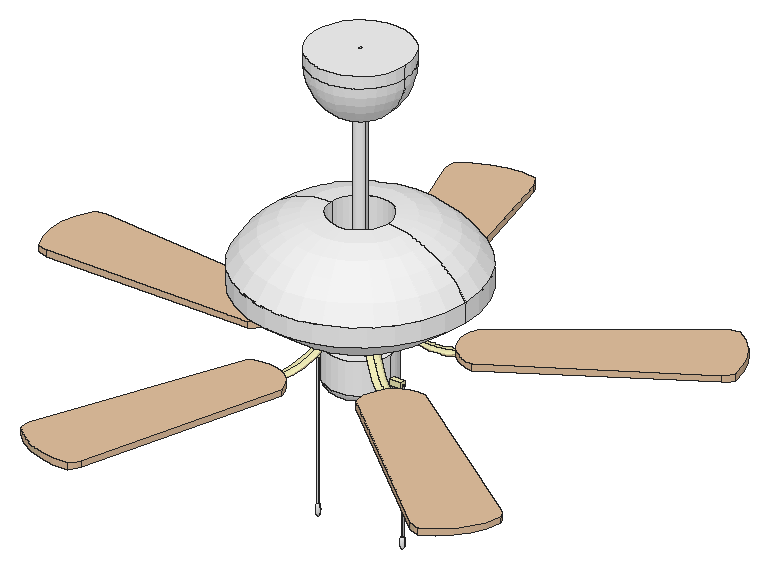
Revit family "Ceiling-Fan_Residential", category Mechanical Equipment, host Ceiling, Revit 2026
Family settings
  Host = Ceiling
  Round Connector Dimension = Use Diameter
  Part Type = Normal
  Classification Number = 23.75.35.17
  Always vertical = Yes
  Cut with Voids When Loaded = No
  Maintain Annotation Orientation = No
  Shared = No
  Room Calculation Point = No
Parameters (values of type "52"")
  Warranty Duration (Years) = 0
  URL = "http://www.arcat.com/"
  Test Data = ""
  Specification = "http://www.arcat.com/divs/sec/sec15830.shtml"
  Span = 4' - 4"
  Description = "Residential Ceiling Fan"
  Default Elevation = 0' - 0"
  Blade Length = (Span - 1' 3 3/8") / 2  # 1' - 6 5/16"
  Sound Pressure Level (dB) = "10"
  Sales Information = ""
  Pull Cord Finish = ARCAT - Plastic, ABS - White
  Product Properties = "http://www.arcat.com/bim/bim_info.pl?fn=Ceiling-Fan_Residential"
  Product Data = "http://www.arcat.com/divs/sec/sec15830.shtml"
  Power Consumption_Fan = 66
  Operating Range = 20' - 0"
  Model = "Generic"  # constant formula
  Manufacturer Website = "http://www.arcat.com/"
  Manufacturer Phone - Toll Free = ""
  Manufacturer Phone = "(203) 929-9444"  # constant formula
  Manufacturer Fax = "(203) 929-2444"  # constant formula
  Manufacturer Email = "bim@arcat.com"  # constant formula
  Manufacturer Address = "1077 Bridgeport Ave, Shelton, CT  06484"  # constant formula
  Manufacturer = "Generic"  # constant formula
  Maintenance Schedule (Months) = 0
  Keynote = "15830"
  Installation-Fabrication = ""
  Installation Phase = ""
  Ceiling Drop [instance] = 2' - 0"
  Hardware Accent Finish = Metal - Brass, Polished
  Green Building-LEED = "http://www.arcat.com/green/green_building.shtml"
  Fan Speed = "1250, 2500, 5000 CFM"
  ENERGYSTAR Rated = no
  ENERGYSTAR = "http://www.energystar.gov/ia/partners/prod_development/archives/downloads/ceil_fans/ceilingprogreq.pdf"
  Blade Pitch = 20.00°
  Air Flow Efficiency = "155, 110, 75, CFM / Watt"
  Fan Blade Finish = Wood - Cherry
  Expected Lifespan (Years) = 0
  Drawn By = "Robert S. Weygant. CSI, CDT, SCIP"  # constant formula
  Copyright = "2008, ARCAT, Inc."  # constant formula
  Construction Details = "http://www.arcat.com/divs/sec/sec15830.shtml"
  Building Codes = ""
  Body Color = Plastic, White
  Assembly Code = "D3040"
Reference planes (in)
  plane 1 "Center (Front/Back)": y = 0
  plane 2 "Ceiling": z = 96
  plane 3 "Center (Left/Right)": x = 0
  plane 4: z = 72
  plane 5: y = 0
  plane 6: x = 0
  plane 7: z = 74.4446
  plane 8: y = 0
  plane 9: x = 0
  plane 10: y = 0
  plane 11: x = 0
  plane 12: y = 0
  plane 13: x = 0
  plane 14: y = 0
  plane 15: x = 0
  plane 16: y = 0
  plane 17: x = 0
  plane 18: z = 74.4446
  plane 19: y = 0
  plane 20: x = 0
  plane 21: y = 0
  plane 22: x = 0
  plane 23: y = 0
  plane 24: x = 0
  plane 25: y = 0
  plane 26: x = 0
  plane 27: y = 0
  plane 28: x = 0
Forms (in)
  Sweep 1, solid, material "Plastic, White" <- "Body Color"
    path origin (0, 0, 0) x (1, 0, 0) y (0, 1, 0)
      loop
        circle (0, 0) r 4
    profile origin (0, 4, 0) x (0, -1, 0) y (0, 0, 1)
      loop
        line (3.875, 96) -> (0, 96) -> (0, 95)
        arc (0, 95) -> (0.67641, 92.6415) -> (2.5, 91) r 4.45
        line (2.5, 91) -> (3.875, 91) -> (3.875, 96)
  Extrusion 2, solid, material "Plastic, White" <- "Body Color"
    sketch origin (0, 0, 84) x (1, 0, 0) y (0, 1, 0)
      loop
        circle (0, 0) r 0.5
    from -2.4446 to 7
  Sweep 3, solid, material "Plastic, White" <- "Body Color"
    path origin (0, 0, 0) x (1, 0, 0) y (0, 1, 0)
      loop
        circle (0, 0) r 8
    profile origin (0, 8, 0) x (0, -1, 0) y (0, 0, 1)
      loop
        arc (5.5, 82.9304) -> (1.5595, 81.88588) -> (-1.34619, 79.0266) r 7.95507
        line (-1.34619, 79.0266) -> (-1.34619, 77.41819) -> (2.25, 74.8054) -> (5.5, 74.8054) -> (5.5, 82.9304)
  Extrusion 4, solid, material "Wood - Cherry" <- "Fan Blade Finish"
    sketch origin (-37.03251, 8.23246, 74.44531) x (1, 0, 0) y (0, 1, 0)
      loop
        arc (11.82781, -4.91665) -> (11.3255, -4.97388) -> (10.86188, -5.17547) r 1.71015
        arc (10.86188, -5.17547) -> (10.11137, -8.17547) -> (10.86188, -11.17547) r 6.37116
        arc (10.86188, -11.17547) -> (11.3255, -11.37705) -> (11.82781, -11.43429) r 1.71015
        line (11.82781, -11.43429) -> (28.96831, -10.62857)
        arc (28.96831, -10.62857) -> (30.39393, -8.23246) -> (29.16601, -5.72927) r 2.92718
        line (29.16601, -5.72927) -> (11.82781, -4.91665)
    from -2.44531 to -1.94531
  Extrusion 5, solid, material "Metal - Brass, Polished" <- "Hardware Accent Finish"
    sketch origin (-8.75, 0.94675, 71.875) x (1, 0, 0) y (0, 1, 0)
      loop
        arc (-1.34734, -2.82175) -> (-0.16807, -2.73452) -> (0.99795, -2.5378) r 12.67926
        arc (0.99795, -2.5378) -> (1.63049, -0.94675) -> (0.99795, 0.64429) r 2.31729
        arc (0.99795, 0.64429) -> (-0.16807, 0.84101) -> (-1.34734, 0.92825) r 12.67926
        arc (-1.34734, 0.92825) -> (-1.86177, 1.0058) -> (-1.8893, 0.48629) r 0.3513
        arc (-1.8893, 0.48629) -> (-2.26892, 0.42422) -> (-2.51249, 0.12649) r 0.54376
        arc (-2.51249, 0.12649) -> (-3.11749, -0.94675) -> (-2.51249, -2.02) r 1.25446
        arc (-2.51249, -2.02) -> (-2.26892, -2.31773) -> (-1.8893, -2.3798) r 0.54376
        arc (-1.8893, -2.3798) -> (-1.86177, -2.89931) -> (-1.34734, -2.82175) r 0.3513
      loop
        arc (0.57285, -1.70845) -> (0.87058, -0.94629) -> (0.57131, -0.18473) r 1.12151
        arc (0.57131, -0.18473) -> (-0.33421, -0.00748) -> (-1.24431, 0.1445) r 33.15171
        arc (-1.24431, 0.1445) -> (-1.62285, -0.01229) -> (-1.77964, -0.39083) r 0.53533
        arc (-1.77964, -0.39083) -> (-2.16715, -0.94675) -> (-1.77964, -1.50268) r 0.59252
        arc (-1.77964, -1.50268) -> (-1.62285, -1.88121) -> (-1.24431, -2.03801) r 0.53533
        arc (-1.24431, -2.03801) -> (-0.33343, -1.88589) -> (0.57285, -1.70845) r 33.15171
    from 0 to 0.125
  Sweep 6, solid, material "Metal - Brass, Polished" <- "Hardware Accent Finish"
    path origin (7.28676, -0.00001, 68.80398) x (1, 0, 0) y (0, 0.000001, 1)
      loop
        line (-15.01533, 3.19786) -> (-14.1732, 3.19786)
        arc (-14.1732, 3.19786) -> (-10.1592, 5.10736) -> (-9.10815, 9.42636) r 5.17371
    profile origin (-2.87244, 0, 73.91134) x (-0.775846, 0.000001, 0.630922) y (0, -1, 0.000001)
      loop
        spline (-0.12404, 0) -> (-0.11981, -0.12941) -> (-0.10742, -0.25) -> (-0.08771, -0.35355) -> (-0.06202, -0.43301) -> (-0.0321, -0.48296) -> (0, -0.5) -> (0.0321, -0.48296) -> (0.06202, -0.43301) -> (0.08771, -0.35355) -> (0.10742, -0.25) -> (0.11981, -0.12941) -> (0.12404, 0)
        spline (0.12404, 0) -> (0.11981, 0.12941) -> (0.10742, 0.25) -> (0.08771, 0.35355) -> (0.06202, 0.43301) -> (0.0321, 0.48296) -> (0, 0.5) -> (-0.0321, 0.48296) -> (-0.06202, 0.43301) -> (-0.08771, 0.35355) -> (-0.10742, 0.25) -> (-0.11981, 0.12941) -> (-0.12404, 0)
  Extrusion 7, solid, material "Wood - Cherry" <- "Fan Blade Finish"
    sketch origin (-3.61414, 37.76398, 74.44531) x (0.309017, -0.951057, 0) y (0.951057, 0.309017, 0)
      loop
        arc (11.82725, -4.91665) -> (11.32495, -4.97388) -> (10.86133, -5.17547) r 1.71015
        arc (10.86133, -5.17547) -> (10.11081, -8.17547) -> (10.86133, -11.17547) r 6.37116
        arc (10.86133, -11.17547) -> (11.32495, -11.37705) -> (11.82725, -11.43429) r 1.71015
        line (11.82725, -11.43429) -> (28.96775, -10.62857)
        arc (28.96775, -10.62857) -> (30.39338, -8.23246) -> (29.16545, -5.72927) r 2.92718
        line (29.16545, -5.72927) -> (11.82725, -4.91665)
    from -2.44531 to -1.94531
  Extrusion 8, solid, material "Metal - Brass, Polished" <- "Hardware Accent Finish"
    sketch origin (-1.80348, 8.61431, 71.875) x (0.309017, -0.951057, 0) y (0.951057, 0.309017, 0)
      loop
        arc (-1.34734, -2.82175) -> (-0.16807, -2.73452) -> (0.99795, -2.5378) r 12.67926
        arc (0.99795, -2.5378) -> (1.63049, -0.94675) -> (0.99795, 0.64429) r 2.31729
        arc (0.99795, 0.64429) -> (-0.16807, 0.84101) -> (-1.34734, 0.92825) r 12.67926
        arc (-1.34734, 0.92825) -> (-1.86177, 1.0058) -> (-1.8893, 0.48629) r 0.3513
        arc (-1.8893, 0.48629) -> (-2.26892, 0.42422) -> (-2.51249, 0.12649) r 0.54376
        arc (-2.51249, 0.12649) -> (-3.11749, -0.94675) -> (-2.51249, -2.02) r 1.25446
        arc (-2.51249, -2.02) -> (-2.26892, -2.31773) -> (-1.8893, -2.3798) r 0.54376
        arc (-1.8893, -2.3798) -> (-1.86177, -2.89931) -> (-1.34734, -2.82175) r 0.3513
      loop
        arc (0.57285, -1.70845) -> (0.87058, -0.94629) -> (0.57131, -0.18473) r 1.12151
        arc (0.57131, -0.18473) -> (-0.33421, -0.00748) -> (-1.24431, 0.1445) r 33.15171
        arc (-1.24431, 0.1445) -> (-1.62285, -0.01229) -> (-1.77964, -0.39083) r 0.53533
        arc (-1.77964, -0.39083) -> (-2.16715, -0.94675) -> (-1.77964, -1.50268) r 0.59252
        arc (-1.77964, -1.50268) -> (-1.62285, -1.88121) -> (-1.24431, -2.03801) r 0.53533
        arc (-1.24431, -2.03801) -> (-0.33343, -1.88589) -> (0.57285, -1.70845) r 33.15171
    from 0 to 0.125
  Sweep 9, solid, material "Metal - Brass, Polished" <- "Hardware Accent Finish"
    path origin (2.25172, -6.93012, 68.80398) x (0.309017, -0.951057, 0) y (0.000001, 0, 1)
      loop
        line (-15.01533, 3.19786) -> (-14.1732, 3.19786)
        arc (-14.1732, 3.19786) -> (-10.1592, 5.10736) -> (-9.10815, 9.42636) r 5.17371
    profile origin (-0.88763, 2.73185, 73.91134) x (-0.239749, 0.737874, 0.630922) y (-0.951057, -0.309017, 0.000001)
      loop
        spline (-0.12404, 0) -> (-0.11981, -0.12941) -> (-0.10742, -0.25) -> (-0.08771, -0.35355) -> (-0.06202, -0.43301) -> (-0.0321, -0.48296) -> (0, -0.5) -> (0.0321, -0.48296) -> (0.06202, -0.43301) -> (0.08771, -0.35355) -> (0.10742, -0.25) -> (0.11981, -0.12941) -> (0.12404, 0)
        spline (0.12404, 0) -> (0.11981, 0.12941) -> (0.10742, 0.25) -> (0.08771, 0.35355) -> (0.06202, 0.43301) -> (0.0321, 0.48296) -> (0, 0.5) -> (-0.0321, 0.48296) -> (-0.06202, 0.43301) -> (-0.08771, 0.35355) -> (-0.10742, 0.25) -> (-0.11981, 0.12941) -> (-0.12404, 0)
  Extrusion 10, solid, material "Wood - Cherry" <- "Fan Blade Finish"
    sketch origin (34.79885, 15.10697, 74.44531) x (-0.809017, -0.587785, 0) y (0.587785, -0.809017, 0)
      loop
        arc (11.82725, -4.91665) -> (11.32495, -4.97388) -> (10.86133, -5.17547) r 1.71015
        arc (10.86133, -5.17547) -> (10.11081, -8.17547) -> (10.86133, -11.17547) r 6.37116
        arc (10.86133, -11.17547) -> (11.32495, -11.37705) -> (11.82725, -11.43429) r 1.71015
        line (11.82725, -11.43429) -> (28.96775, -10.62857)
        arc (28.96775, -10.62857) -> (30.39338, -8.23246) -> (29.16545, -5.72927) r 2.92718
        line (29.16545, -5.72927) -> (11.82725, -4.91665)
    from -2.44531 to -1.94531
  Extrusion 11, solid, material "Metal - Brass, Polished" <- "Hardware Accent Finish"
    sketch origin (7.63539, 4.37718, 71.875) x (-0.809017, -0.587785, 0) y (0.587785, -0.809017, 0)
      loop
        arc (-1.34734, -2.82175) -> (-0.16807, -2.73452) -> (0.99795, -2.5378) r 12.67926
        arc (0.99795, -2.5378) -> (1.63049, -0.94675) -> (0.99795, 0.64429) r 2.31729
        arc (0.99795, 0.64429) -> (-0.16807, 0.84101) -> (-1.34734, 0.92825) r 12.67926
        arc (-1.34734, 0.92825) -> (-1.86177, 1.0058) -> (-1.8893, 0.48629) r 0.3513
        arc (-1.8893, 0.48629) -> (-2.26892, 0.42422) -> (-2.51249, 0.12649) r 0.54376
        arc (-2.51249, 0.12649) -> (-3.11749, -0.94675) -> (-2.51249, -2.02) r 1.25446
        arc (-2.51249, -2.02) -> (-2.26892, -2.31773) -> (-1.8893, -2.3798) r 0.54376
        arc (-1.8893, -2.3798) -> (-1.86177, -2.89931) -> (-1.34734, -2.82175) r 0.3513
      loop
        arc (0.57285, -1.70845) -> (0.87058, -0.94629) -> (0.57131, -0.18473) r 1.12151
        arc (0.57131, -0.18473) -> (-0.33421, -0.00748) -> (-1.24431, 0.1445) r 33.15171
        arc (-1.24431, 0.1445) -> (-1.62285, -0.01229) -> (-1.77964, -0.39083) r 0.53533
        arc (-1.77964, -0.39083) -> (-2.16715, -0.94675) -> (-1.77964, -1.50268) r 0.59252
        arc (-1.77964, -1.50268) -> (-1.62285, -1.88121) -> (-1.24431, -2.03801) r 0.53533
        arc (-1.24431, -2.03801) -> (-0.33343, -1.88589) -> (0.57285, -1.70845) r 33.15171
    from 0 to 0.125
  Sweep 12, solid, material "Metal - Brass, Polished" <- "Hardware Accent Finish"
    path origin (-5.89511, -4.28304, 68.80398) x (-0.809017, -0.587785, 0) y (0.000001, -0.000001, 1)
      loop
        line (-15.01533, 3.19786) -> (-14.1732, 3.19786)
        arc (-14.1732, 3.19786) -> (-10.1592, 5.10736) -> (-9.10815, 9.42636) r 5.17371
    profile origin (2.32385, 1.68838, 73.91134) x (0.627673, 0.45603, 0.630922) y (-0.587785, 0.809017, 0.000001)
      loop
        spline (-0.12404, 0) -> (-0.11981, -0.12941) -> (-0.10742, -0.25) -> (-0.08771, -0.35355) -> (-0.06202, -0.43301) -> (-0.0321, -0.48296) -> (0, -0.5) -> (0.0321, -0.48296) -> (0.06202, -0.43301) -> (0.08771, -0.35355) -> (0.10742, -0.25) -> (0.11981, -0.12941) -> (0.12404, 0)
        spline (0.12404, 0) -> (0.11981, 0.12941) -> (0.10742, 0.25) -> (0.08771, 0.35355) -> (0.06202, 0.43301) -> (0.0321, 0.48296) -> (0, 0.5) -> (-0.0321, 0.48296) -> (-0.06202, 0.43301) -> (-0.08771, 0.35355) -> (-0.10742, 0.25) -> (-0.11981, 0.12941) -> (-0.12404, 0)
  Extrusion 13, solid, material "Wood - Cherry" <- "Fan Blade Finish"
    sketch origin (25.12101, -28.42736, 74.44531) x (-0.809017, 0.587785, 0) y (-0.587785, -0.809017, 0)
      loop
        arc (11.82781, -4.91665) -> (11.3255, -4.97388) -> (10.86188, -5.17547) r 1.71015
        arc (10.86188, -5.17547) -> (10.11137, -8.17547) -> (10.86188, -11.17547) r 6.37116
        arc (10.86188, -11.17547) -> (11.3255, -11.37705) -> (11.82781, -11.43429) r 1.71015
        line (11.82781, -11.43429) -> (28.96831, -10.62857)
        arc (28.96831, -10.62857) -> (30.39393, -8.23246) -> (29.16601, -5.72927) r 2.92718
        line (29.16601, -5.72927) -> (11.82781, -4.91665)
    from -2.44531 to -1.94531
  Extrusion 14, solid, material "Metal - Brass, Polished" <- "Hardware Accent Finish"
    sketch origin (6.52241, -5.90906, 71.875) x (-0.809017, 0.587785, 0) y (-0.587785, -0.809017, 0)
      loop
        arc (-1.34734, -2.82175) -> (-0.16807, -2.73452) -> (0.99795, -2.5378) r 12.67926
        arc (0.99795, -2.5378) -> (1.63049, -0.94675) -> (0.99795, 0.64429) r 2.31729
        arc (0.99795, 0.64429) -> (-0.16807, 0.84101) -> (-1.34734, 0.92825) r 12.67926
        arc (-1.34734, 0.92825) -> (-1.86177, 1.0058) -> (-1.8893, 0.48629) r 0.3513
        arc (-1.8893, 0.48629) -> (-2.26892, 0.42422) -> (-2.51249, 0.12649) r 0.54376
        arc (-2.51249, 0.12649) -> (-3.11749, -0.94675) -> (-2.51249, -2.02) r 1.25446
        arc (-2.51249, -2.02) -> (-2.26892, -2.31773) -> (-1.8893, -2.3798) r 0.54376
        arc (-1.8893, -2.3798) -> (-1.86177, -2.89931) -> (-1.34734, -2.82175) r 0.3513
      loop
        arc (0.57285, -1.70845) -> (0.87058, -0.94629) -> (0.57131, -0.18473) r 1.12151
        arc (0.57131, -0.18473) -> (-0.33421, -0.00748) -> (-1.24431, 0.1445) r 33.15171
        arc (-1.24431, 0.1445) -> (-1.62285, -0.01229) -> (-1.77964, -0.39083) r 0.53533
        arc (-1.77964, -0.39083) -> (-2.16715, -0.94675) -> (-1.77964, -1.50268) r 0.59252
        arc (-1.77964, -1.50268) -> (-1.62285, -1.88121) -> (-1.24431, -2.03801) r 0.53533
        arc (-1.24431, -2.03801) -> (-0.33343, -1.88589) -> (0.57285, -1.70845) r 33.15171
    from 0 to 0.125
  Sweep 15, solid, material "Metal - Brass, Polished" <- "Hardware Accent Finish"
    path origin (-5.89511, 4.28305, 68.80398) x (-0.809017, 0.587785, 0) y (-0.000001, -0.000001, 1)
      loop
        line (-15.01533, 3.19786) -> (-14.1732, 3.19786)
        arc (-14.1732, 3.19786) -> (-10.1592, 5.10736) -> (-9.10815, 9.42636) r 5.17371
    profile origin (2.32385, -1.68838, 73.91134) x (0.627672, -0.456032, 0.630922) y (0.587785, 0.809017, 0.000001)
      loop
        spline (-0.12404, 0) -> (-0.11981, -0.12941) -> (-0.10742, -0.25) -> (-0.08771, -0.35355) -> (-0.06202, -0.43301) -> (-0.0321, -0.48296) -> (0, -0.5) -> (0.0321, -0.48296) -> (0.06202, -0.43301) -> (0.08771, -0.35355) -> (0.10742, -0.25) -> (0.11981, -0.12941) -> (0.12404, 0)
        spline (0.12404, 0) -> (0.11981, 0.12941) -> (0.10742, 0.25) -> (0.08771, 0.35355) -> (0.06202, 0.43301) -> (0.0321, 0.48296) -> (0, 0.5) -> (-0.0321, 0.48296) -> (-0.06202, 0.43301) -> (-0.08771, 0.35355) -> (-0.10742, 0.25) -> (-0.11981, 0.12941) -> (-0.12404, 0)
  Extrusion 16, solid, material "Wood - Cherry" <- "Fan Blade Finish"
    sketch origin (-19.27321, -32.67604, 74.44531) x (0.309017, 0.951057, 0) y (-0.951057, 0.309017, 0)
      loop
        arc (11.82725, -4.91665) -> (11.32495, -4.97388) -> (10.86133, -5.17547) r 1.71015
        arc (10.86133, -5.17547) -> (10.11081, -8.17547) -> (10.86133, -11.17547) r 6.37116
        arc (10.86133, -11.17547) -> (11.32495, -11.37705) -> (11.82725, -11.43429) r 1.71015
        line (11.82725, -11.43429) -> (28.96775, -10.62857)
        arc (28.96775, -10.62857) -> (30.39338, -8.23246) -> (29.16545, -5.72927) r 2.92718
        line (29.16545, -5.72927) -> (11.82725, -4.91665)
    from -2.44531 to -1.94531
  Extrusion 17, solid, material "Metal - Brass, Polished" <- "Hardware Accent Finish"
    sketch origin (-3.60431, -8.02918, 71.875) x (0.309017, 0.951057, 0) y (-0.951057, 0.309017, 0)
      loop
        arc (-1.34734, -2.82175) -> (-0.16807, -2.73452) -> (0.99795, -2.5378) r 12.67926
        arc (0.99795, -2.5378) -> (1.63049, -0.94675) -> (0.99795, 0.64429) r 2.31729
        arc (0.99795, 0.64429) -> (-0.16807, 0.84101) -> (-1.34734, 0.92825) r 12.67926
        arc (-1.34734, 0.92825) -> (-1.86177, 1.0058) -> (-1.8893, 0.48629) r 0.3513
        arc (-1.8893, 0.48629) -> (-2.26892, 0.42422) -> (-2.51249, 0.12649) r 0.54376
        arc (-2.51249, 0.12649) -> (-3.11749, -0.94675) -> (-2.51249, -2.02) r 1.25446
        arc (-2.51249, -2.02) -> (-2.26892, -2.31773) -> (-1.8893, -2.3798) r 0.54376
        arc (-1.8893, -2.3798) -> (-1.86177, -2.89931) -> (-1.34734, -2.82175) r 0.3513
      loop
        arc (0.57285, -1.70845) -> (0.87058, -0.94629) -> (0.57131, -0.18473) r 1.12151
        arc (0.57131, -0.18473) -> (-0.33421, -0.00748) -> (-1.24431, 0.1445) r 33.15171
        arc (-1.24431, 0.1445) -> (-1.62285, -0.01229) -> (-1.77964, -0.39083) r 0.53533
        arc (-1.77964, -0.39083) -> (-2.16715, -0.94675) -> (-1.77964, -1.50268) r 0.59252
        arc (-1.77964, -1.50268) -> (-1.62285, -1.88121) -> (-1.24431, -2.03801) r 0.53533
        arc (-1.24431, -2.03801) -> (-0.33343, -1.88589) -> (0.57285, -1.70845) r 33.15171
    from 0 to 0.125
  Sweep 18, solid, material "Metal - Brass, Polished" <- "Hardware Accent Finish"
    path origin (2.25174, 6.93011, 68.80398) x (0.309017, 0.951057, 0) y (-0.000001, 0, 1)
      loop
        line (-15.01533, 3.19786) -> (-14.1732, 3.19786)
        arc (-14.1732, 3.19786) -> (-10.1592, 5.10736) -> (-9.10815, 9.42636) r 5.17371
    profile origin (-0.88763, -2.73185, 73.91134) x (-0.23975, -0.737874, 0.630922) y (0.951057, -0.309017, 0.000001)
      loop
        spline (-0.12404, 0) -> (-0.11981, -0.12941) -> (-0.10742, -0.25) -> (-0.08771, -0.35355) -> (-0.06202, -0.43301) -> (-0.0321, -0.48296) -> (0, -0.5) -> (0.0321, -0.48296) -> (0.06202, -0.43301) -> (0.08771, -0.35355) -> (0.10742, -0.25) -> (0.11981, -0.12941) -> (0.12404, 0)
        spline (0.12404, 0) -> (0.11981, 0.12941) -> (0.10742, 0.25) -> (0.08771, 0.35355) -> (0.06202, 0.43301) -> (0.0321, 0.48296) -> (0, 0.5) -> (-0.0321, 0.48296) -> (-0.06202, 0.43301) -> (-0.08771, 0.35355) -> (-0.10742, 0.25) -> (-0.11981, 0.12941) -> (-0.12404, 0)
  Sweep 19, solid, material "Plastic, White" <- "Body Color"
    path origin (0, 0, 0) x (1, 0, 0) y (0, 1, 0)
      loop
        circle (0, 0) r 2
    profile origin (0, 2, 0) x (0, -1, 0) y (0, 0, 1)
      loop
        line (1.96875, 69.125) -> (1.96875, 72.625) -> (-0.75, 72.625) -> (-0.75, 69.875)
        arc (-0.75, 69.875) -> (-0.375, 69.33333) -> (0.25, 69.125) r 1.04167
        line (0.25, 69.125) -> (1.96875, 69.125)
  Extrusion 20, solid, material "Metal - Brass, Polished" <- "Hardware Accent Finish"
    sketch origin (0, 0, 72.625) x (1, 0, 0) y (0, 1, 0)
      loop
        circle (0, 0) r 1
    from 0 to 4
  Extrusion 21, solid, material "Metal - Brass, Polished" <- "Hardware Accent Finish"
    sketch origin (0, 0, 70.3054) x (1, 0, 0) y (0, 1, 0)
      loop
        line (2.74091, -0.22336) -> (3.74091, -0.22336) -> (3.74091, 0.22336) -> (2.74091, 0.22336)
        arc (2.74091, 0.22336) -> (2.75, 0) -> (2.74091, -0.22336) r 2.75
    from 0 to 0.5
  Extrusion 22, solid, material "ARCAT - Plastic, ABS - White" <- "Pull Cord Finish"
    sketch origin (-0.25, 0, 58.5554) x (1, 0, 0) y (0, 1, 0)
      loop
        circle (4, 0) r 0.0625
    from 0 to 12
  Revolve 23, solid, material "ARCAT - Plastic, ABS - White" <- "Pull Cord Finish"
    sketch origin (0, 0, -2.4446) x (1, 0, 0) y (0, 0, 1)
      loop
        line (3.75, 61) -> (3.75, 60)
        spline (3.75, 60) -> (3.79531, 60.01704) -> (3.83753, 60.06699) -> (3.87379, 60.14645) -> (3.90161, 60.25) -> (3.9191, 60.37059) -> (3.92506, 60.5) -> (3.9191, 60.62941) -> (3.90161, 60.75) -> (3.87379, 60.85355) -> (3.83753, 60.93301) -> (3.79531, 60.98296) -> (3.75, 61)
      axis (3.75, 60) -> (3.75, 61)
    angle from 0 to 360
  Extrusion 24, solid, material "Metal - Brass, Polished" <- "Hardware Accent Finish"
    sketch origin (0, 0, 70.3054) x (-1, 0, 0) y (0, -1, 0)
      loop
        arc (2.74091, 0.22336) -> (2.75, 0) -> (2.74091, -0.22336) r 2.75
        line (2.74091, -0.22336) -> (3.74091, -0.22336) -> (3.74091, 0.22336) -> (2.74091, 0.22336)
    from 0 to 0.5
  Extrusion 25, solid, material "ARCAT - Plastic, ABS - White" <- "Pull Cord Finish"
    sketch origin (0.25, 0, 58.5554) x (-1, 0, 0) y (0, -1, 0)
      loop
        circle (4, 0) r 0.0625
    from 0 to 12
  Revolve 26, solid, material "ARCAT - Plastic, ABS - White" <- "Pull Cord Finish"
    sketch origin (-7.5, 0, -2.4446) x (1, 0, 0) y (0, 0, 1)
      loop
        line (3.75, 61) -> (3.75, 60)
        spline (3.75, 60) -> (3.79531, 60.01704) -> (3.83753, 60.06699) -> (3.87379, 60.14645) -> (3.90161, 60.25) -> (3.9191, 60.37059) -> (3.92506, 60.5) -> (3.9191, 60.62941) -> (3.90161, 60.75) -> (3.87379, 60.85355) -> (3.83753, 60.93301) -> (3.79531, 60.98296) -> (3.75, 61)
      axis (3.75, 60) -> (3.75, 61)
    angle from 0 to 360
  Sweep 27, solid, not visible
    path origin (0, 0, 0) x (1, 0, 0) y (0, 1, 0)
      loop
        circle (0, 0) r 8
    profile origin (0, 8, 0) x (0, -1, 0) y (0, 0, 1)
      loop
        arc (5.5, 85.375) -> (1.5595, 84.33047) -> (-1.34619, 81.47119) r 7.95507
        line (-1.34619, 81.47119) -> (-1.34619, 79.86279) -> (2.25, 77.25) -> (5.5, 77.25) -> (5.5, 85.375)
  Extrusion 28, solid, not visible
    sketch origin (-37.03251, 8.23246, 74.4446) x (1, 0, 0) y (0, 1, 0)
      loop
        arc (5.89551, -4.91665) -> (5.39321, -4.97388) -> (4.92959, -5.17547) r 1.71015
        arc (4.92959, -5.17547) -> (4.17908, -8.17547) -> (4.92959, -11.17547) r 6.37116
        arc (4.92959, -11.17547) -> (5.39321, -11.37705) -> (5.89551, -11.43429) r 1.71015
        line (5.89551, -11.43429) -> (28.96831, -10.62857)
        arc (28.96831, -10.62857) -> (30.39393, -8.23246) -> (29.16601, -5.72927) r 2.92718
        line (29.16601, -5.72927) -> (5.89551, -4.91665)
    from 0 to 0.5
  Extrusion 29, solid, not visible
    sketch origin (-8.75, 0.94675, 74.3196) x (1, 0, 0) y (0, 1, 0)
      loop
        arc (-1.34734, -2.82175) -> (-0.16807, -2.73452) -> (0.99795, -2.5378) r 12.67926
        arc (0.99795, -2.5378) -> (1.63049, -0.94675) -> (0.99795, 0.64429) r 2.31729
        arc (0.99795, 0.64429) -> (-0.16807, 0.84101) -> (-1.34734, 0.92825) r 12.67926
        arc (-1.34734, 0.92825) -> (-1.86177, 1.0058) -> (-1.8893, 0.48629) r 0.3513
        arc (-1.8893, 0.48629) -> (-2.26892, 0.42422) -> (-2.51249, 0.12649) r 0.54376
        arc (-2.51249, 0.12649) -> (-3.11749, -0.94675) -> (-2.51249, -2.02) r 1.25446
        arc (-2.51249, -2.02) -> (-2.26892, -2.31773) -> (-1.8893, -2.3798) r 0.54376
        arc (-1.8893, -2.3798) -> (-1.86177, -2.89931) -> (-1.34734, -2.82175) r 0.3513
      loop
        arc (0.57285, -1.70845) -> (0.87058, -0.94629) -> (0.57131, -0.18473) r 1.12151
        arc (0.57131, -0.18473) -> (-0.33421, -0.00748) -> (-1.24431, 0.1445) r 33.15171
        arc (-1.24431, 0.1445) -> (-1.62285, -0.01229) -> (-1.77964, -0.39083) r 0.53533
        arc (-1.77964, -0.39083) -> (-2.16715, -0.94675) -> (-1.77964, -1.50268) r 0.59252
        arc (-1.77964, -1.50268) -> (-1.62285, -1.88121) -> (-1.24431, -2.03801) r 0.53533
        arc (-1.24431, -2.03801) -> (-0.33343, -1.88589) -> (0.57285, -1.70845) r 33.15171
    from 0 to 0.125
  Sweep 30, solid, not visible
    path origin (7.28676, -0.00001, 71.24857) x (1, 0, 0) y (0, 0.000001, 1)
      loop
        line (-15.01533, 3.19786) -> (-14.1732, 3.19786)
        arc (-14.1732, 3.19786) -> (-10.1592, 5.10736) -> (-9.10815, 9.42636) r 5.17371
    profile origin (-2.87244, 0, 76.35593) x (-0.775846, 0.000001, 0.630922) y (0, -1, 0.000001)
      loop
        spline (-0.12404, 0) -> (-0.11981, -0.12941) -> (-0.10742, -0.25) -> (-0.08771, -0.35355) -> (-0.06202, -0.43301) -> (-0.0321, -0.48296) -> (0, -0.5) -> (0.0321, -0.48296) -> (0.06202, -0.43301) -> (0.08771, -0.35355) -> (0.10742, -0.25) -> (0.11981, -0.12941) -> (0.12404, 0)
        spline (0.12404, 0) -> (0.11981, 0.12941) -> (0.10742, 0.25) -> (0.08771, 0.35355) -> (0.06202, 0.43301) -> (0.0321, 0.48296) -> (0, 0.5) -> (-0.0321, 0.48296) -> (-0.06202, 0.43301) -> (-0.08771, 0.35355) -> (-0.10742, 0.25) -> (-0.11981, 0.12941) -> (-0.12404, 0)
  Extrusion 31, solid, not visible
    sketch origin (-3.61414, 37.76398, 74.4446) x (0.309017, -0.951057, 0) y (0.951057, 0.309017, 0)
      loop
        arc (5.89551, -4.91665) -> (5.39321, -4.97388) -> (4.92959, -5.17547) r 1.71015
        arc (4.92959, -5.17547) -> (4.17908, -8.17547) -> (4.92959, -11.17547) r 6.37116
        arc (4.92959, -11.17547) -> (5.39321, -11.37705) -> (5.89551, -11.43429) r 1.71015
        line (5.89551, -11.43429) -> (28.96831, -10.62857)
        arc (28.96831, -10.62857) -> (30.39393, -8.23246) -> (29.16601, -5.72927) r 2.92718
        line (29.16601, -5.72927) -> (5.89551, -4.91665)
    from 0 to 0.5
  Extrusion 32, solid, not visible
    sketch origin (-1.80348, 8.61431, 74.3196) x (0.309017, -0.951057, 0) y (0.951057, 0.309017, 0)
      loop
        arc (-1.34734, -2.82175) -> (-0.16807, -2.73452) -> (0.99795, -2.5378) r 12.67926
        arc (0.99795, -2.5378) -> (1.63049, -0.94675) -> (0.99795, 0.64429) r 2.31729
        arc (0.99795, 0.64429) -> (-0.16807, 0.84101) -> (-1.34734, 0.92825) r 12.67926
        arc (-1.34734, 0.92825) -> (-1.86177, 1.0058) -> (-1.8893, 0.48629) r 0.3513
        arc (-1.8893, 0.48629) -> (-2.26892, 0.42422) -> (-2.51249, 0.12649) r 0.54376
        arc (-2.51249, 0.12649) -> (-3.11749, -0.94675) -> (-2.51249, -2.02) r 1.25446
        arc (-2.51249, -2.02) -> (-2.26892, -2.31773) -> (-1.8893, -2.3798) r 0.54376
        arc (-1.8893, -2.3798) -> (-1.86177, -2.89931) -> (-1.34734, -2.82175) r 0.3513
      loop
        arc (0.57285, -1.70845) -> (0.87058, -0.94629) -> (0.57131, -0.18473) r 1.12151
        arc (0.57131, -0.18473) -> (-0.33421, -0.00748) -> (-1.24431, 0.1445) r 33.15171
        arc (-1.24431, 0.1445) -> (-1.62285, -0.01229) -> (-1.77964, -0.39083) r 0.53533
        arc (-1.77964, -0.39083) -> (-2.16715, -0.94675) -> (-1.77964, -1.50268) r 0.59252
        arc (-1.77964, -1.50268) -> (-1.62285, -1.88121) -> (-1.24431, -2.03801) r 0.53533
        arc (-1.24431, -2.03801) -> (-0.33343, -1.88589) -> (0.57285, -1.70845) r 33.15171
    from 0 to 0.125
  Sweep 33, solid, not visible
    path origin (2.25172, -6.93012, 71.24857) x (0.309017, -0.951057, 0) y (0.000001, 0, 1)
      loop
        line (-15.01533, 3.19786) -> (-14.1732, 3.19786)
        arc (-14.1732, 3.19786) -> (-10.1592, 5.10736) -> (-9.10815, 9.42636) r 5.17371
    profile origin (-0.88763, 2.73185, 76.35593) x (-0.239749, 0.737874, 0.630922) y (-0.951057, -0.309017, 0.000001)
      loop
        spline (-0.12404, 0) -> (-0.11981, -0.12941) -> (-0.10742, -0.25) -> (-0.08771, -0.35355) -> (-0.06202, -0.43301) -> (-0.0321, -0.48296) -> (0, -0.5) -> (0.0321, -0.48296) -> (0.06202, -0.43301) -> (0.08771, -0.35355) -> (0.10742, -0.25) -> (0.11981, -0.12941) -> (0.12404, 0)
        spline (0.12404, 0) -> (0.11981, 0.12941) -> (0.10742, 0.25) -> (0.08771, 0.35355) -> (0.06202, 0.43301) -> (0.0321, 0.48296) -> (0, 0.5) -> (-0.0321, 0.48296) -> (-0.06202, 0.43301) -> (-0.08771, 0.35355) -> (-0.10742, 0.25) -> (-0.11981, 0.12941) -> (-0.12404, 0)
  Extrusion 34, solid, not visible
    sketch origin (34.79885, 15.10697, 74.4446) x (-0.809017, -0.587785, 0) y (0.587785, -0.809017, 0)
      loop
        arc (5.89551, -4.91665) -> (5.39321, -4.97388) -> (4.92959, -5.17547) r 1.71015
        arc (4.92959, -5.17547) -> (4.17908, -8.17547) -> (4.92959, -11.17547) r 6.37116
        arc (4.92959, -11.17547) -> (5.39321, -11.37705) -> (5.89551, -11.43429) r 1.71015
        line (5.89551, -11.43429) -> (28.96831, -10.62857)
        arc (28.96831, -10.62857) -> (30.39393, -8.23246) -> (29.16601, -5.72927) r 2.92718
        line (29.16601, -5.72927) -> (5.89551, -4.91665)
    from 0 to 0.5
  Extrusion 35, solid, not visible
    sketch origin (7.63539, 4.37718, 74.3196) x (-0.809017, -0.587785, 0) y (0.587785, -0.809017, 0)
      loop
        arc (-1.34734, -2.82175) -> (-0.16807, -2.73452) -> (0.99795, -2.5378) r 12.67926
        arc (0.99795, -2.5378) -> (1.63049, -0.94675) -> (0.99795, 0.64429) r 2.31729
        arc (0.99795, 0.64429) -> (-0.16807, 0.84101) -> (-1.34734, 0.92825) r 12.67926
        arc (-1.34734, 0.92825) -> (-1.86177, 1.0058) -> (-1.8893, 0.48629) r 0.3513
        arc (-1.8893, 0.48629) -> (-2.26892, 0.42422) -> (-2.51249, 0.12649) r 0.54376
        arc (-2.51249, 0.12649) -> (-3.11749, -0.94675) -> (-2.51249, -2.02) r 1.25446
        arc (-2.51249, -2.02) -> (-2.26892, -2.31773) -> (-1.8893, -2.3798) r 0.54376
        arc (-1.8893, -2.3798) -> (-1.86177, -2.89931) -> (-1.34734, -2.82175) r 0.3513
      loop
        arc (0.57285, -1.70845) -> (0.87058, -0.94629) -> (0.57131, -0.18473) r 1.12151
        arc (0.57131, -0.18473) -> (-0.33421, -0.00748) -> (-1.24431, 0.1445) r 33.15171
        arc (-1.24431, 0.1445) -> (-1.62285, -0.01229) -> (-1.77964, -0.39083) r 0.53533
        arc (-1.77964, -0.39083) -> (-2.16715, -0.94675) -> (-1.77964, -1.50268) r 0.59252
        arc (-1.77964, -1.50268) -> (-1.62285, -1.88121) -> (-1.24431, -2.03801) r 0.53533
        arc (-1.24431, -2.03801) -> (-0.33343, -1.88589) -> (0.57285, -1.70845) r 33.15171
    from 0 to 0.125
  Sweep 36, solid, not visible
    path origin (-5.89511, -4.28304, 71.24857) x (-0.809017, -0.587785, 0) y (0.000001, -0.000001, 1)
      loop
        line (-15.01533, 3.19786) -> (-14.1732, 3.19786)
        arc (-14.1732, 3.19786) -> (-10.1592, 5.10736) -> (-9.10815, 9.42636) r 5.17371
    profile origin (2.32385, 1.68838, 76.35593) x (0.627673, 0.45603, 0.630922) y (-0.587785, 0.809017, 0.000001)
      loop
        spline (-0.12404, 0) -> (-0.11981, -0.12941) -> (-0.10742, -0.25) -> (-0.08771, -0.35355) -> (-0.06202, -0.43301) -> (-0.0321, -0.48296) -> (0, -0.5) -> (0.0321, -0.48296) -> (0.06202, -0.43301) -> (0.08771, -0.35355) -> (0.10742, -0.25) -> (0.11981, -0.12941) -> (0.12404, 0)
        spline (0.12404, 0) -> (0.11981, 0.12941) -> (0.10742, 0.25) -> (0.08771, 0.35355) -> (0.06202, 0.43301) -> (0.0321, 0.48296) -> (0, 0.5) -> (-0.0321, 0.48296) -> (-0.06202, 0.43301) -> (-0.08771, 0.35355) -> (-0.10742, 0.25) -> (-0.11981, 0.12941) -> (-0.12404, 0)
  Extrusion 37, solid, not visible
    sketch origin (25.12101, -28.42736, 74.4446) x (-0.809017, 0.587785, 0) y (-0.587785, -0.809017, 0)
      loop
        arc (5.89551, -4.91665) -> (5.39321, -4.97388) -> (4.92959, -5.17547) r 1.71015
        arc (4.92959, -5.17547) -> (4.17908, -8.17547) -> (4.92959, -11.17547) r 6.37116
        arc (4.92959, -11.17547) -> (5.39321, -11.37705) -> (5.89551, -11.43429) r 1.71015
        line (5.89551, -11.43429) -> (28.96831, -10.62857)
        arc (28.96831, -10.62857) -> (30.39393, -8.23246) -> (29.16601, -5.72927) r 2.92718
        line (29.16601, -5.72927) -> (5.89551, -4.91665)
    from 0 to 0.5
  Extrusion 38, solid, not visible
    sketch origin (6.52241, -5.90906, 74.3196) x (-0.809017, 0.587785, 0) y (-0.587785, -0.809017, 0)
      loop
        arc (-1.34734, -2.82175) -> (-0.16807, -2.73452) -> (0.99795, -2.5378) r 12.67926
        arc (0.99795, -2.5378) -> (1.63049, -0.94675) -> (0.99795, 0.64429) r 2.31729
        arc (0.99795, 0.64429) -> (-0.16807, 0.84101) -> (-1.34734, 0.92825) r 12.67926
        arc (-1.34734, 0.92825) -> (-1.86177, 1.0058) -> (-1.8893, 0.48629) r 0.3513
        arc (-1.8893, 0.48629) -> (-2.26892, 0.42422) -> (-2.51249, 0.12649) r 0.54376
        arc (-2.51249, 0.12649) -> (-3.11749, -0.94675) -> (-2.51249, -2.02) r 1.25446
        arc (-2.51249, -2.02) -> (-2.26892, -2.31773) -> (-1.8893, -2.3798) r 0.54376
        arc (-1.8893, -2.3798) -> (-1.86177, -2.89931) -> (-1.34734, -2.82175) r 0.3513
      loop
        arc (0.57285, -1.70845) -> (0.87058, -0.94629) -> (0.57131, -0.18473) r 1.12151
        arc (0.57131, -0.18473) -> (-0.33421, -0.00748) -> (-1.24431, 0.1445) r 33.15171
        arc (-1.24431, 0.1445) -> (-1.62285, -0.01229) -> (-1.77964, -0.39083) r 0.53533
        arc (-1.77964, -0.39083) -> (-2.16715, -0.94675) -> (-1.77964, -1.50268) r 0.59252
        arc (-1.77964, -1.50268) -> (-1.62285, -1.88121) -> (-1.24431, -2.03801) r 0.53533
        arc (-1.24431, -2.03801) -> (-0.33343, -1.88589) -> (0.57285, -1.70845) r 33.15171
    from 0 to 0.125
  Sweep 39, solid, not visible
    path origin (-5.89511, 4.28305, 71.24857) x (-0.809017, 0.587785, 0) y (-0.000001, -0.000001, 1)
      loop
        line (-15.01533, 3.19786) -> (-14.1732, 3.19786)
        arc (-14.1732, 3.19786) -> (-10.1592, 5.10736) -> (-9.10815, 9.42636) r 5.17371
    profile origin (2.32385, -1.68838, 76.35593) x (0.627672, -0.456032, 0.630922) y (0.587785, 0.809017, 0.000001)
      loop
        spline (-0.12404, 0) -> (-0.11981, -0.12941) -> (-0.10742, -0.25) -> (-0.08771, -0.35355) -> (-0.06202, -0.43301) -> (-0.0321, -0.48296) -> (0, -0.5) -> (0.0321, -0.48296) -> (0.06202, -0.43301) -> (0.08771, -0.35355) -> (0.10742, -0.25) -> (0.11981, -0.12941) -> (0.12404, 0)
        spline (0.12404, 0) -> (0.11981, 0.12941) -> (0.10742, 0.25) -> (0.08771, 0.35355) -> (0.06202, 0.43301) -> (0.0321, 0.48296) -> (0, 0.5) -> (-0.0321, 0.48296) -> (-0.06202, 0.43301) -> (-0.08771, 0.35355) -> (-0.10742, 0.25) -> (-0.11981, 0.12941) -> (-0.12404, 0)
  Extrusion 40, solid, not visible
    sketch origin (-19.27321, -32.67604, 74.4446) x (0.309017, 0.951057, 0) y (-0.951057, 0.309017, 0)
      loop
        arc (5.89551, -4.91665) -> (5.39321, -4.97388) -> (4.92959, -5.17547) r 1.71015
        arc (4.92959, -5.17547) -> (4.17908, -8.17547) -> (4.92959, -11.17547) r 6.37116
        arc (4.92959, -11.17547) -> (5.39321, -11.37705) -> (5.89551, -11.43429) r 1.71015
        line (5.89551, -11.43429) -> (28.96831, -10.62857)
        arc (28.96831, -10.62857) -> (30.39393, -8.23246) -> (29.16601, -5.72927) r 2.92718
        line (29.16601, -5.72927) -> (5.89551, -4.91665)
    from 0 to 0.5
  Extrusion 41, solid, not visible
    sketch origin (-3.60431, -8.02918, 74.3196) x (0.309017, 0.951057, 0) y (-0.951057, 0.309017, 0)
      loop
        arc (-1.34734, -2.82175) -> (-0.16807, -2.73452) -> (0.99795, -2.5378) r 12.67926
        arc (0.99795, -2.5378) -> (1.63049, -0.94675) -> (0.99795, 0.64429) r 2.31729
        arc (0.99795, 0.64429) -> (-0.16807, 0.84101) -> (-1.34734, 0.92825) r 12.67926
        arc (-1.34734, 0.92825) -> (-1.86177, 1.0058) -> (-1.8893, 0.48629) r 0.3513
        arc (-1.8893, 0.48629) -> (-2.26892, 0.42422) -> (-2.51249, 0.12649) r 0.54376
        arc (-2.51249, 0.12649) -> (-3.11749, -0.94675) -> (-2.51249, -2.02) r 1.25446
        arc (-2.51249, -2.02) -> (-2.26892, -2.31773) -> (-1.8893, -2.3798) r 0.54376
        arc (-1.8893, -2.3798) -> (-1.86177, -2.89931) -> (-1.34734, -2.82175) r 0.3513
      loop
        arc (0.57285, -1.70845) -> (0.87058, -0.94629) -> (0.57131, -0.18473) r 1.12151
        arc (0.57131, -0.18473) -> (-0.33421, -0.00748) -> (-1.24431, 0.1445) r 33.15171
        arc (-1.24431, 0.1445) -> (-1.62285, -0.01229) -> (-1.77964, -0.39083) r 0.53533
        arc (-1.77964, -0.39083) -> (-2.16715, -0.94675) -> (-1.77964, -1.50268) r 0.59252
        arc (-1.77964, -1.50268) -> (-1.62285, -1.88121) -> (-1.24431, -2.03801) r 0.53533
        arc (-1.24431, -2.03801) -> (-0.33343, -1.88589) -> (0.57285, -1.70845) r 33.15171
    from 0 to 0.125
  Sweep 42, solid, not visible
    path origin (2.25174, 6.93011, 71.24857) x (0.309017, 0.951057, 0) y (-0.000001, 0, 1)
      loop
        line (-15.01533, 3.19786) -> (-14.1732, 3.19786)
        arc (-14.1732, 3.19786) -> (-10.1592, 5.10736) -> (-9.10815, 9.42636) r 5.17371
    profile origin (-0.88763, -2.73185, 76.35593) x (-0.23975, -0.737874, 0.630922) y (0.951057, -0.309017, 0.000001)
      loop
        spline (-0.12404, 0) -> (-0.11981, -0.12941) -> (-0.10742, -0.25) -> (-0.08771, -0.35355) -> (-0.06202, -0.43301) -> (-0.0321, -0.48296) -> (0, -0.5) -> (0.0321, -0.48296) -> (0.06202, -0.43301) -> (0.08771, -0.35355) -> (0.10742, -0.25) -> (0.11981, -0.12941) -> (0.12404, 0)
        spline (0.12404, 0) -> (0.11981, 0.12941) -> (0.10742, 0.25) -> (0.08771, 0.35355) -> (0.06202, 0.43301) -> (0.0321, 0.48296) -> (0, 0.5) -> (-0.0321, 0.48296) -> (-0.06202, 0.43301) -> (-0.08771, 0.35355) -> (-0.10742, 0.25) -> (-0.11981, 0.12941) -> (-0.12404, 0)
  Sweep 43, solid, not visible
    path origin (0, 0, 0) x (1, 0, 0) y (0, 1, 0)
      loop
        circle (0, 0) r 2
    profile origin (0, 2, 0) x (0, -1, 0) y (0, 0, 1)
      loop
        line (1.96875, 71.5696) -> (1.96875, 75.0696) -> (-0.75, 75.0696) -> (-0.75, 72.3196)
        arc (-0.75, 72.3196) -> (-0.375, 71.77793) -> (0.25, 71.5696) r 1.04167
        line (0.25, 71.5696) -> (1.96875, 71.5696)
  Extrusion 44, solid, not visible
    sketch origin (0, 0, 75.0696) x (1, 0, 0) y (0, 1, 0)
      loop
        circle (0, 0) r 1
    from 0 to 4
  Extrusion 45, solid, not visible
    sketch origin (0, 0, 72.75) x (1, 0, 0) y (0, 1, 0)
      loop
        line (2.74091, -0.22336) -> (3.74091, -0.22336) -> (3.74091, 0.22336) -> (2.74091, 0.22336)
        arc (2.74091, 0.22336) -> (2.75, 0) -> (2.74091, -0.22336) r 2.75
    from 0 to 0.5
  Extrusion 46, solid, not visible
    sketch origin (-0.25, 0, 61) x (1, 0, 0) y (0, 1, 0)
      loop
        circle (4, 0) r 0.0625
    from 0 to 12
  Revolve 47, solid, not visible
    sketch origin (0, 0, 0) x (1, 0, 0) y (0, 0, 1)
      loop
        line (3.75, 61) -> (3.75, 60)
        spline (3.75, 60) -> (3.79531, 60.01704) -> (3.83753, 60.06699) -> (3.87379, 60.14645) -> (3.90161, 60.25) -> (3.9191, 60.37059) -> (3.92506, 60.5) -> (3.9191, 60.62941) -> (3.90161, 60.75) -> (3.87379, 60.85355) -> (3.83753, 60.93301) -> (3.79531, 60.98296) -> (3.75, 61)
      axis (3.75, 60) -> (3.75, 61)
    angle from 0 to 360
  Extrusion 48, solid, not visible
    sketch origin (0, 0, 72.75) x (-1, 0, 0) y (0, -1, 0)
      loop
        arc (2.74091, 0.22336) -> (2.75, 0) -> (2.74091, -0.22336) r 2.75
        line (2.74091, -0.22336) -> (3.74091, -0.22336) -> (3.74091, 0.22336) -> (2.74091, 0.22336)
    from 0 to 0.5
  Extrusion 49, solid, not visible
    sketch origin (0.25, 0, 61) x (-1, 0, 0) y (0, -1, 0)
      loop
        circle (4, 0) r 0.0625
    from 0 to 12
  Revolve 50, solid, not visible
    sketch origin (-7.5, 0, 0) x (1, 0, 0) y (0, 0, 1)
      loop
        line (3.75, 61) -> (3.75, 60)
        spline (3.75, 60) -> (3.79531, 60.01704) -> (3.83753, 60.06699) -> (3.87379, 60.14645) -> (3.90161, 60.25) -> (3.9191, 60.37059) -> (3.92506, 60.5) -> (3.9191, 60.62941) -> (3.90161, 60.75) -> (3.87379, 60.85355) -> (3.83753, 60.93301) -> (3.79531, 60.98296) -> (3.75, 61)
      axis (3.75, 60) -> (3.75, 61)
    angle from 0 to 360
  Extrusion 51, solid, not visible
    sketch origin (-37.03251, 8.23246, 74.4446) x (1, 0, 0) y (0, 1, 0)
      loop
        arc (5.89551, -4.91665) -> (5.39321, -4.97388) -> (4.92959, -5.17547) r 1.71015
        arc (4.92959, -5.17547) -> (4.17908, -8.17547) -> (4.92959, -11.17547) r 6.37116
        arc (4.92959, -11.17547) -> (5.39321, -11.37705) -> (5.89551, -11.43429) r 1.71015
        line (5.89551, -11.43429) -> (28.96831, -10.62857)
        arc (28.96831, -10.62857) -> (30.39393, -8.23246) -> (29.16601, -5.72927) r 2.92718
        line (29.16601, -5.72927) -> (5.89551, -4.91665)
    from 0 to 0.5
  Extrusion 52, solid, not visible
    sketch origin (-8.75, 0.94675, 74.3196) x (1, 0, 0) y (0, 1, 0)
      loop
        arc (-1.34734, -2.82175) -> (-0.16807, -2.73452) -> (0.99795, -2.5378) r 12.67926
        arc (0.99795, -2.5378) -> (1.63049, -0.94675) -> (0.99795, 0.64429) r 2.31729
        arc (0.99795, 0.64429) -> (-0.16807, 0.84101) -> (-1.34734, 0.92825) r 12.67926
        arc (-1.34734, 0.92825) -> (-1.86177, 1.0058) -> (-1.8893, 0.48629) r 0.3513
        arc (-1.8893, 0.48629) -> (-2.26892, 0.42422) -> (-2.51249, 0.12649) r 0.54376
        arc (-2.51249, 0.12649) -> (-3.11749, -0.94675) -> (-2.51249, -2.02) r 1.25446
        arc (-2.51249, -2.02) -> (-2.26892, -2.31773) -> (-1.8893, -2.3798) r 0.54376
        arc (-1.8893, -2.3798) -> (-1.86177, -2.89931) -> (-1.34734, -2.82175) r 0.3513
      loop
        arc (0.57285, -1.70845) -> (0.87058, -0.94629) -> (0.57131, -0.18473) r 1.12151
        arc (0.57131, -0.18473) -> (-0.33421, -0.00748) -> (-1.24431, 0.1445) r 33.15171
        arc (-1.24431, 0.1445) -> (-1.62285, -0.01229) -> (-1.77964, -0.39083) r 0.53533
        arc (-1.77964, -0.39083) -> (-2.16715, -0.94675) -> (-1.77964, -1.50268) r 0.59252
        arc (-1.77964, -1.50268) -> (-1.62285, -1.88121) -> (-1.24431, -2.03801) r 0.53533
        arc (-1.24431, -2.03801) -> (-0.33343, -1.88589) -> (0.57285, -1.70845) r 33.15171
    from 0 to 0.125
  Sweep 53, solid, not visible
    path origin (7.28676, -0.00001, 71.24857) x (1, 0, 0) y (0, 0.000001, 1)
      loop
        line (-15.01533, 3.19786) -> (-14.1732, 3.19786)
        arc (-14.1732, 3.19786) -> (-10.1592, 5.10736) -> (-9.10815, 9.42636) r 5.17371
    profile origin (-2.87244, 0, 76.35593) x (-0.775846, 0.000001, 0.630922) y (0, -1, 0.000001)
      loop
        spline (-0.12404, 0) -> (-0.11981, -0.12941) -> (-0.10742, -0.25) -> (-0.08771, -0.35355) -> (-0.06202, -0.43301) -> (-0.0321, -0.48296) -> (0, -0.5) -> (0.0321, -0.48296) -> (0.06202, -0.43301) -> (0.08771, -0.35355) -> (0.10742, -0.25) -> (0.11981, -0.12941) -> (0.12404, 0)
        spline (0.12404, 0) -> (0.11981, 0.12941) -> (0.10742, 0.25) -> (0.08771, 0.35355) -> (0.06202, 0.43301) -> (0.0321, 0.48296) -> (0, 0.5) -> (-0.0321, 0.48296) -> (-0.06202, 0.43301) -> (-0.08771, 0.35355) -> (-0.10742, 0.25) -> (-0.11981, 0.12941) -> (-0.12404, 0)
  Extrusion 54, solid, not visible
    sketch origin (-3.61414, 37.76398, 74.4446) x (0.309017, -0.951057, 0) y (0.951057, 0.309017, 0)
      loop
        arc (5.89551, -4.91665) -> (5.39321, -4.97388) -> (4.92959, -5.17547) r 1.71015
        arc (4.92959, -5.17547) -> (4.17908, -8.17547) -> (4.92959, -11.17547) r 6.37116
        arc (4.92959, -11.17547) -> (5.39321, -11.37705) -> (5.89551, -11.43429) r 1.71015
        line (5.89551, -11.43429) -> (28.96831, -10.62857)
        arc (28.96831, -10.62857) -> (30.39393, -8.23246) -> (29.16601, -5.72927) r 2.92718
        line (29.16601, -5.72927) -> (5.89551, -4.91665)
    from 0 to 0.5
  Extrusion 55, solid, not visible
    sketch origin (-1.80348, 8.61431, 74.3196) x (0.309017, -0.951057, 0) y (0.951057, 0.309017, 0)
      loop
        arc (-1.34734, -2.82175) -> (-0.16807, -2.73452) -> (0.99795, -2.5378) r 12.67926
        arc (0.99795, -2.5378) -> (1.63049, -0.94675) -> (0.99795, 0.64429) r 2.31729
        arc (0.99795, 0.64429) -> (-0.16807, 0.84101) -> (-1.34734, 0.92825) r 12.67926
        arc (-1.34734, 0.92825) -> (-1.86177, 1.0058) -> (-1.8893, 0.48629) r 0.3513
        arc (-1.8893, 0.48629) -> (-2.26892, 0.42422) -> (-2.51249, 0.12649) r 0.54376
        arc (-2.51249, 0.12649) -> (-3.11749, -0.94675) -> (-2.51249, -2.02) r 1.25446
        arc (-2.51249, -2.02) -> (-2.26892, -2.31773) -> (-1.8893, -2.3798) r 0.54376
        arc (-1.8893, -2.3798) -> (-1.86177, -2.89931) -> (-1.34734, -2.82175) r 0.3513
      loop
        arc (0.57285, -1.70845) -> (0.87058, -0.94629) -> (0.57131, -0.18473) r 1.12151
        arc (0.57131, -0.18473) -> (-0.33421, -0.00748) -> (-1.24431, 0.1445) r 33.15171
        arc (-1.24431, 0.1445) -> (-1.62285, -0.01229) -> (-1.77964, -0.39083) r 0.53533
        arc (-1.77964, -0.39083) -> (-2.16715, -0.94675) -> (-1.77964, -1.50268) r 0.59252
        arc (-1.77964, -1.50268) -> (-1.62285, -1.88121) -> (-1.24431, -2.03801) r 0.53533
        arc (-1.24431, -2.03801) -> (-0.33343, -1.88589) -> (0.57285, -1.70845) r 33.15171
    from 0 to 0.125
  Sweep 56, solid, not visible
    path origin (2.25172, -6.93012, 71.24857) x (0.309017, -0.951057, 0) y (0.000001, 0, 1)
      loop
        line (-15.01533, 3.19786) -> (-14.1732, 3.19786)
        arc (-14.1732, 3.19786) -> (-10.1592, 5.10736) -> (-9.10815, 9.42636) r 5.17371
    profile origin (-0.88763, 2.73185, 76.35593) x (-0.239749, 0.737874, 0.630922) y (-0.951057, -0.309017, 0.000001)
      loop
        spline (-0.12404, 0) -> (-0.11981, -0.12941) -> (-0.10742, -0.25) -> (-0.08771, -0.35355) -> (-0.06202, -0.43301) -> (-0.0321, -0.48296) -> (0, -0.5) -> (0.0321, -0.48296) -> (0.06202, -0.43301) -> (0.08771, -0.35355) -> (0.10742, -0.25) -> (0.11981, -0.12941) -> (0.12404, 0)
        spline (0.12404, 0) -> (0.11981, 0.12941) -> (0.10742, 0.25) -> (0.08771, 0.35355) -> (0.06202, 0.43301) -> (0.0321, 0.48296) -> (0, 0.5) -> (-0.0321, 0.48296) -> (-0.06202, 0.43301) -> (-0.08771, 0.35355) -> (-0.10742, 0.25) -> (-0.11981, 0.12941) -> (-0.12404, 0)
  Extrusion 57, solid, not visible
    sketch origin (34.79885, 15.10697, 74.4446) x (-0.809017, -0.587785, 0) y (0.587785, -0.809017, 0)
      loop
        arc (5.89551, -4.91665) -> (5.39321, -4.97388) -> (4.92959, -5.17547) r 1.71015
        arc (4.92959, -5.17547) -> (4.17908, -8.17547) -> (4.92959, -11.17547) r 6.37116
        arc (4.92959, -11.17547) -> (5.39321, -11.37705) -> (5.89551, -11.43429) r 1.71015
        line (5.89551, -11.43429) -> (28.96831, -10.62857)
        arc (28.96831, -10.62857) -> (30.39393, -8.23246) -> (29.16601, -5.72927) r 2.92718
        line (29.16601, -5.72927) -> (5.89551, -4.91665)
    from 0 to 0.5
  Extrusion 58, solid, not visible
    sketch origin (7.63539, 4.37718, 74.3196) x (-0.809017, -0.587785, 0) y (0.587785, -0.809017, 0)
      loop
        arc (-1.34734, -2.82175) -> (-0.16807, -2.73452) -> (0.99795, -2.5378) r 12.67926
        arc (0.99795, -2.5378) -> (1.63049, -0.94675) -> (0.99795, 0.64429) r 2.31729
        arc (0.99795, 0.64429) -> (-0.16807, 0.84101) -> (-1.34734, 0.92825) r 12.67926
        arc (-1.34734, 0.92825) -> (-1.86177, 1.0058) -> (-1.8893, 0.48629) r 0.3513
        arc (-1.8893, 0.48629) -> (-2.26892, 0.42422) -> (-2.51249, 0.12649) r 0.54376
        arc (-2.51249, 0.12649) -> (-3.11749, -0.94675) -> (-2.51249, -2.02) r 1.25446
        arc (-2.51249, -2.02) -> (-2.26892, -2.31773) -> (-1.8893, -2.3798) r 0.54376
        arc (-1.8893, -2.3798) -> (-1.86177, -2.89931) -> (-1.34734, -2.82175) r 0.3513
      loop
        arc (0.57285, -1.70845) -> (0.87058, -0.94629) -> (0.57131, -0.18473) r 1.12151
        arc (0.57131, -0.18473) -> (-0.33421, -0.00748) -> (-1.24431, 0.1445) r 33.15171
        arc (-1.24431, 0.1445) -> (-1.62285, -0.01229) -> (-1.77964, -0.39083) r 0.53533
        arc (-1.77964, -0.39083) -> (-2.16715, -0.94675) -> (-1.77964, -1.50268) r 0.59252
        arc (-1.77964, -1.50268) -> (-1.62285, -1.88121) -> (-1.24431, -2.03801) r 0.53533
        arc (-1.24431, -2.03801) -> (-0.33343, -1.88589) -> (0.57285, -1.70845) r 33.15171
    from 0 to 0.125
  Sweep 59, solid, not visible
    path origin (-5.89511, -4.28304, 71.24857) x (-0.809017, -0.587785, 0) y (0.000001, -0.000001, 1)
      loop
        line (-15.01533, 3.19786) -> (-14.1732, 3.19786)
        arc (-14.1732, 3.19786) -> (-10.1592, 5.10736) -> (-9.10815, 9.42636) r 5.17371
    profile origin (2.32385, 1.68838, 76.35593) x (0.627673, 0.45603, 0.630922) y (-0.587785, 0.809017, 0.000001)
      loop
        spline (-0.12404, 0) -> (-0.11981, -0.12941) -> (-0.10742, -0.25) -> (-0.08771, -0.35355) -> (-0.06202, -0.43301) -> (-0.0321, -0.48296) -> (0, -0.5) -> (0.0321, -0.48296) -> (0.06202, -0.43301) -> (0.08771, -0.35355) -> (0.10742, -0.25) -> (0.11981, -0.12941) -> (0.12404, 0)
        spline (0.12404, 0) -> (0.11981, 0.12941) -> (0.10742, 0.25) -> (0.08771, 0.35355) -> (0.06202, 0.43301) -> (0.0321, 0.48296) -> (0, 0.5) -> (-0.0321, 0.48296) -> (-0.06202, 0.43301) -> (-0.08771, 0.35355) -> (-0.10742, 0.25) -> (-0.11981, 0.12941) -> (-0.12404, 0)
  Extrusion 60, solid, not visible
    sketch origin (-19.27321, -32.67604, 74.4446) x (0.309017, 0.951057, 0) y (-0.951057, 0.309017, 0)
      loop
        arc (5.89551, -4.91665) -> (5.39321, -4.97388) -> (4.92959, -5.17547) r 1.71015
        arc (4.92959, -5.17547) -> (4.17908, -8.17547) -> (4.92959, -11.17547) r 6.37116
        arc (4.92959, -11.17547) -> (5.39321, -11.37705) -> (5.89551, -11.43429) r 1.71015
        line (5.89551, -11.43429) -> (28.96831, -10.62857)
        arc (28.96831, -10.62857) -> (30.39393, -8.23246) -> (29.16601, -5.72927) r 2.92718
        line (29.16601, -5.72927) -> (5.89551, -4.91665)
    from 0 to 0.5
  Extrusion 61, solid, not visible
    sketch origin (-3.60431, -8.02918, 74.3196) x (0.309017, 0.951057, 0) y (-0.951057, 0.309017, 0)
      loop
        arc (-1.34734, -2.82175) -> (-0.16807, -2.73452) -> (0.99795, -2.5378) r 12.67926
        arc (0.99795, -2.5378) -> (1.63049, -0.94675) -> (0.99795, 0.64429) r 2.31729
        arc (0.99795, 0.64429) -> (-0.16807, 0.84101) -> (-1.34734, 0.92825) r 12.67926
        arc (-1.34734, 0.92825) -> (-1.86177, 1.0058) -> (-1.8893, 0.48629) r 0.3513
        arc (-1.8893, 0.48629) -> (-2.26892, 0.42422) -> (-2.51249, 0.12649) r 0.54376
        arc (-2.51249, 0.12649) -> (-3.11749, -0.94675) -> (-2.51249, -2.02) r 1.25446
        arc (-2.51249, -2.02) -> (-2.26892, -2.31773) -> (-1.8893, -2.3798) r 0.54376
        arc (-1.8893, -2.3798) -> (-1.86177, -2.89931) -> (-1.34734, -2.82175) r 0.3513
      loop
        arc (0.57285, -1.70845) -> (0.87058, -0.94629) -> (0.57131, -0.18473) r 1.12151
        arc (0.57131, -0.18473) -> (-0.33421, -0.00748) -> (-1.24431, 0.1445) r 33.15171
        arc (-1.24431, 0.1445) -> (-1.62285, -0.01229) -> (-1.77964, -0.39083) r 0.53533
        arc (-1.77964, -0.39083) -> (-2.16715, -0.94675) -> (-1.77964, -1.50268) r 0.59252
        arc (-1.77964, -1.50268) -> (-1.62285, -1.88121) -> (-1.24431, -2.03801) r 0.53533
        arc (-1.24431, -2.03801) -> (-0.33343, -1.88589) -> (0.57285, -1.70845) r 33.15171
    from 0 to 0.125
  Sweep 62, solid, not visible
    path origin (2.25174, 6.93011, 71.24857) x (0.309017, 0.951057, 0) y (-0.000001, 0, 1)
      loop
        line (-15.01533, 3.19786) -> (-14.1732, 3.19786)
        arc (-14.1732, 3.19786) -> (-10.1592, 5.10736) -> (-9.10815, 9.42636) r 5.17371
    profile origin (-0.88763, -2.73185, 76.35593) x (-0.23975, -0.737874, 0.630922) y (0.951057, -0.309017, 0.000001)
      loop
        spline (-0.12404, 0) -> (-0.11981, -0.12941) -> (-0.10742, -0.25) -> (-0.08771, -0.35355) -> (-0.06202, -0.43301) -> (-0.0321, -0.48296) -> (0, -0.5) -> (0.0321, -0.48296) -> (0.06202, -0.43301) -> (0.08771, -0.35355) -> (0.10742, -0.25) -> (0.11981, -0.12941) -> (0.12404, 0)
        spline (0.12404, 0) -> (0.11981, 0.12941) -> (0.10742, 0.25) -> (0.08771, 0.35355) -> (0.06202, 0.43301) -> (0.0321, 0.48296) -> (0, 0.5) -> (-0.0321, 0.48296) -> (-0.06202, 0.43301) -> (-0.08771, 0.35355) -> (-0.10742, 0.25) -> (-0.11981, 0.12941) -> (-0.12404, 0)
  Extrusion 63, solid, not visible
    sketch origin (25.12101, -28.42736, 74.4446) x (-0.809017, 0.587785, 0) y (-0.587785, -0.809017, 0)
      loop
        arc (5.89551, -4.91665) -> (5.39321, -4.97388) -> (4.92959, -5.17547) r 1.71015
        arc (4.92959, -5.17547) -> (4.17908, -8.17547) -> (4.92959, -11.17547) r 6.37116
        arc (4.92959, -11.17547) -> (5.39321, -11.37705) -> (5.89551, -11.43429) r 1.71015
        line (5.89551, -11.43429) -> (28.96831, -10.62857)
        arc (28.96831, -10.62857) -> (30.39393, -8.23246) -> (29.16601, -5.72927) r 2.92718
        line (29.16601, -5.72927) -> (5.89551, -4.91665)
    from 0 to 0.5
  Extrusion 64, solid, not visible
    sketch origin (6.52241, -5.90906, 74.3196) x (-0.809017, 0.587785, 0) y (-0.587785, -0.809017, 0)
      loop
        arc (-1.34734, -2.82175) -> (-0.16807, -2.73452) -> (0.99795, -2.5378) r 12.67926
        arc (0.99795, -2.5378) -> (1.63049, -0.94675) -> (0.99795, 0.64429) r 2.31729
        arc (0.99795, 0.64429) -> (-0.16807, 0.84101) -> (-1.34734, 0.92825) r 12.67926
        arc (-1.34734, 0.92825) -> (-1.86177, 1.0058) -> (-1.8893, 0.48629) r 0.3513
        arc (-1.8893, 0.48629) -> (-2.26892, 0.42422) -> (-2.51249, 0.12649) r 0.54376
        arc (-2.51249, 0.12649) -> (-3.11749, -0.94675) -> (-2.51249, -2.02) r 1.25446
        arc (-2.51249, -2.02) -> (-2.26892, -2.31773) -> (-1.8893, -2.3798) r 0.54376
        arc (-1.8893, -2.3798) -> (-1.86177, -2.89931) -> (-1.34734, -2.82175) r 0.3513
